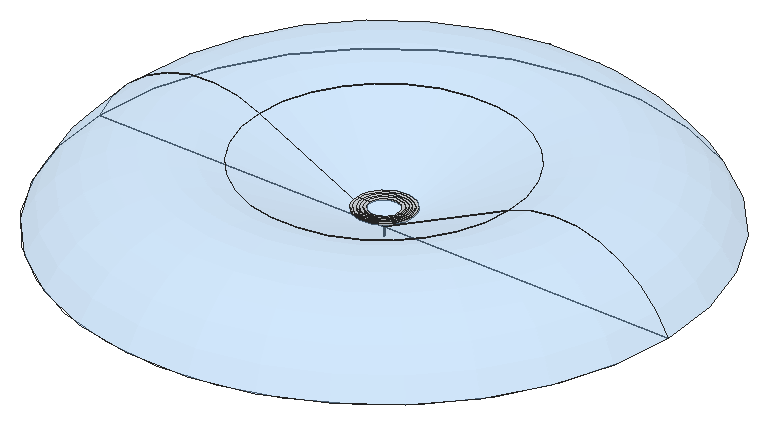
Revit family "HUNTER_I-40-06-SS", category Sprinklers, Revit 2017
Family settings
  Maintain Annotation Orientation = No
  Round Connector Dimension = Use Diameter
  Part Type = Normal
  OmniClass Number = 23.11.27.15.11.11
  OmniClass Title = Installed Sprinkler Heads
  Work Plane-Based = No
  Always vertical = Yes
  Cut with Voids When Loaded = No
  Shared = Yes
  Room Calculation Point = No
Parameters (values of type "I-40-06-SS-Standard 8 Lt. Brown-5.0bar-14.30m")
  Water Pattern = Water Arc : Water Arc
  Water = Water
  Valid Trajectory Arc [instance] = if(Trajectory Arc < Arc Min, Arc Min, if(Trajectory Arc > Arc Max, Arc Max, Trajectory Arc))  # 360.00°
  URL = "https://www.hunterindustries.com/irrigation-product/rotors/i-40"
  Type Image = <None>
  Type Comments = "Rotor I-40-04 with Plastic Riser"
  Trajectory Ref [instance] = (if(Trajectory Arc < Arc Min, Arc Min, if(Trajectory Arc > Arc Max, Arc Max, Trajectory Arc))) / 1.00°  # 360
  Trajectory Radius = 14300.000 mm
  Trajectory Angle = 25.00°  # constant formula
  Symbol = I-40-06 Symbol : I-40-06 Symbol
  Show Water Spray = yes
  Show 2D Symbol = yes
  Pressure = 500.0 kPa
  Precipitation Rate = "22 mm/hr"
  Pop Up Material = Hunter® Stainless Steel
  Pop Up Height = 100.000 mm  # constant formula
  Nozzle Tag = "I-40-06-SS-18 Lt. Brown"
  Model = "I-40-04-SS- Standard 8 Lt. Brown"
  Keynote = "328423.02"
  Inlet Size = "1\" BSP"
  Connection_Dia = 30.000 mm  # constant formula
  Nozzle Size = "Hunter® (08 Lt. Brown) Standard Nozzle"
  Exposed Diameter = 50.000 mm  # constant formula
  Body Material = Hunter® ABS Plastic
  Manufacturer = "Hunter® Industries"
  Product Flow [instance] = 65.2 L/min
  Diameter = 609.6 mm
  Description = "Hunter I-40-04 Rotor Body with Preinstalled Check in Valve, stainless steel riser and (8 Lt. Brown) Standard Nozzle"
  Body Height = 200.000 mm  # constant formula
  Assembly Code = "G2050700"
  Trajectory Arc [instance] = 360.00°
  Arc Min = 50.00°  # constant formula
  Arc Max = 360.00°  # constant formula
Types (12, lengths in mm): name | Valid Trajectory Arc | Trajectory Ref | Trajectory Radius | Pressure | Precipitation Rate | Nozzle Tag | Model | Nozzle Size | Product Flow | Description | Trajectory Arc
  I-40-06-SS-Standard 10 Lt.Green-5.0bar-15.50m | 360.00° | 360 | 16200.000 | 500.0 kPa | "21 mm/hr" | "I-40-06-SS-10 Lt. Green" | "I-40-04-SS- Standard 10 Lt. Green" | "Hunter® (10 Lt. Green) Standard Nozzle" | 46.3 L/min | "Hunter I-40-04 Rotor Body with Preinstalled Check in Valve, stainless steel riser and (10 Lt. Green) Standard Nozzle" | 360.00°
  I-40-06-SS-Standard 13 Lt. Blue-5.0bar-15.80m | 360.00° | 360 | 16800.000 | 500.0 kPa | "22 mm/hr" | "I-40-06-SS-113 Lt. Blue" | "I-40-04-SS- Standard 13 Lt. Blue" | "Hunter® (13 Lt. Blue) Standard Nozzle" | 51.2 L/min | "Hunter I-40-04 Rotor Body with Preinstalled Check in Valve, stainless steel riser and (13 Lt. Blue) Standard Nozzle" | 360.00°
  I-40-06-SS-Standard 15 Grey-5.0bar-17.40m | 360.00° | 360 | 17400.000 | 500.0 kPa | "23 mm/hr" | "I-40-06-SS-15 Grey" | "I-25-40-SS- Standard 15 Grey" | "Hunter® (15 Grey) Standard Nozzle" | 58.8 L/min | "Hunter I-40-04 Rotor Body with Preinstalled Check in Valve, stainless steel riser and (15 Grey) Standard Nozzle" | 360.00°
  I-40-06-SS-Standard 8 Lt. Brown-5.0bar-14.30m | 360.00° | 360 | 14300.000 | 500.0 kPa | "22 mm/hr" | "I-40-06-SS-18 Lt. Brown" | "I-40-04-SS- Standard 8 Lt. Brown" | "Hunter® (08 Lt. Brown) Standard Nozzle" | 65.2 L/min | "Hunter I-40-04 Rotor Body with Preinstalled Check in Valve, stainless steel riser and (8 Lt. Brown) Standard Nozzle" | 360.00°
  I-40-06-SS-Standard 23 Dk. Green-5.50bar-19.80m | 360.00° | 360 | 19800.000 | 550.0 kPa | "29 mm/hr" | "I-40-06-SS-23 Dk. Green" | "I-40-04-SS- Standard 23 Dk. Green" | "Hunter® (23 Dk. Green) Standard Nozzle" | 96.3 L/min | "Hunter I-40-04 Rotor Body with Preinstalled Check in Valve, stainless steel riser and (23 Dk. Green) Standard Nozzle" | 360.00°
  I-40-06-SS-Standard 25 Dk. Blue-6.0bar-21.00m | 360.00° | 360 | 21000.000 | 600.0 kPa | "30 mm/hr" | "I-40-06-SS-25 Dk. Blue" | "I-40-04-SS- Standard 25 Dk. Blue" | "Hunter® (25 Dk. Blue) Standard Nozzle" | 110.0 L/min | "Hunter I-40-04 Rotor Body with Preinstalled Check in Valve, stainless steel riser and (25 Dk. Blue) Standard Nozzle" | 360.00°
  I-40-06-SS-High speed 8 Lt.Brown-5.0bar-13.40m | 270.00° | 270 | 13400.000 | 500.0 kPa | "24 mm/hr" | "I-40-06-SS-High Speed 8 Lt. Brown" | "I-40-04-SS-High Speed 8 Lt. Brown" | "Hunter® (8 Lt. Brown) High Speed Nozzle" | 37.5 L/min | "Hunter I-40-04 Rotor Body with Preinstalled Check in Valve, stainless steel riser and (8 Lt. Brown) High Speedd Nozzle" | 270.00°
  I-40-06-SS-High speed 10 Lt.Green-5.0bar-14.30m | 270.00° | 270 | 14300.000 | 500.0 kPa | "25 mm/hr" | "I-40-06-SS-High Speed 10 Lt. Green" | "I-40-04-SS-High Speed 10 Lt. Green" | "Hunter® (10 Lt. Green) High Speed Nozzle" | 46.3 L/min | "Hunter I-40-04 Rotor Body with Preinstalled Check in Valve, stainless steel riser and (10 Lt. Green) High Speed Nozzle" | 270.00°
  I-40-06-SS-High speed 13 Lt. Blue-5.0bar-14.60m | 270.00° | 270 | 14600.000 | 500.0 kPa | "25 mm/hr" | "I-40-06-SS-High Speed 13 Lt. Blue" | "I-40-04-SS-High Speed 13 Lt. Blue" | "Hunter® (13 Lt. Blue) High Speed Nozzle" | 51.2 L/min | "Hunter I-40-04 Rotor Body with Preinstalled Check in Valve, stainless steel riser and (13 Lt. Blue) High Speed Nozzle" | 270.00°
  I-40-06-SS-High speed 15 Grey-5.0bar-16.20m | 270.00° | 270 | 16200.000 | 500.0 kPa | "27 mm/hr" | "I-40-06-SS-High Speed 15 Grey" | "I-40-04-SS-High Speed 15 Grey" | "Hunter® (15 Grey) High Speed Nozzle" | 58.8 L/min | "Hunter I-40-04 Rotor Body with Preinstalled Check in Valve, stainless steel riser and (15 Grey) High Speed Nozzle" | 270.00°
  I-40-06-SS-High speed 23 Dk. Green-5.50bar-18.00m | 270.00° | 270 | 18000.000 | 550.0 kPa | "35 mm/hr" | "I-40-06-SS-High Speed 23 Dk. Green" | "I-40-04-SS-High Speed 23 Dk. Green" | "Hunter® (23 Dk. Green) High Speed Nozzle" | 96.3 L/min | "Hunter I-40-04 Rotor Body with Preinstalled Check in Valve, stainless steel riser and (23 Dk. Green) High Speed Nozzle" | 270.00°
  I-40-06-SS-High speed 25 Dk. Blue-6.0bar-19.20m | 270.00° | 270 | 19200.000 | 600.0 kPa | "34 mm/hr" | "I-40-06-SS-High Speed 25 Dk. Blue" | "I-40-04-SS-High Speed 25 Dk. Blue" | "Hunter® (25 Dk. Blue) High Speed Nozzle" | 110.0 L/min | "Hunter I-40-04 Rotor Body with Preinstalled Check in Valve, stainless steel riser and (25 Dk. Blue) High Speed Nozzle" | 270.00°
Reference planes
  plane 1 "Center (Front/Back)": y = 0
  plane 2: z = 0
  plane 3 "Center (Left/Right)": x = 0
Lines and regions (mm)
  model lines
    curve 1: circle (0, 0, 0) r 25 normal (0, 0, 1)
    curve 2: line (25, 0, 0) -> (-25, 0, 0)
    curve 3: line (0, 25, 0) -> (0, -25, 0)
Dimensions and locks
  aligned and locked: level to plane 2
Nested families
  nested 1: "Water Arc" at (0, 0, 140), type <- "Water Pattern", visible <- "Show Water Spray", type "Water Arc"
    with r1 6043.441 mm, Trajectory Arc 360.00°, Radius 14300.000 mm
  nested 2: "I-40-06-SS" at (0, 0, 0), type "I-40-06-SS"
  nested 3: "I-40-06 Symbol" at (0, 0, 1000), Trajectory Arc <- "Valid Trajectory Arc", visible <- "Show 2D Symbol", type "I-40-06 Symbol"
    with Trajectory Ref 360, Trajectory Arc 360.00°, Ann Trajectory 360.00°
Connectors
  piping at (0, 0, -245.516), diameter 32, driven by "Product Flow"
    settings: on nested 2, index 3, connector inside diameter 609.6 mm, connector length 0.000 mm, flow factor 0, pipe flow 65.2 L/min, pressure drop 0.0 kPa, fitting loss kfactor 0, connector angle 0.00°, fixture units 0, engagement length 0.000 mm, angle of deflection 0.00°, flow configuration 0, flow direction 1, fitting loss method 2, system type 29, joint type 0, gender type 0, connector reference index -1, connector utility 0, adjustable connector no, is connector primary yes, connector description ""
Definition of nested family "Water Arc"
  Parameters (values of type "Water Arc")
    r1 = Radius * sin(Arc_Angle)  # 1901.782 mm
    Trajectory Arc = 180.00°
    Radius = 4500.000 mm
    Material = none
    Arc_Angle = 25.00°
  Reference planes
    plane 1 "Center (Front/Back)": y = 0
    plane 2: z = 0
    plane 3 "Center (Left/Right)": x = 0
  Forms (mm)
    Revolve 1, solid, material <- "Material"
      sketch origin (0, 0, 100) x (1, 0, 0) y (0, 0, 1)
        loop
          line (0, -100) -> (4500, -100)
          arc (4500, -100) -> (3426.848, 883.363) -> (1972.672, 819.872) r 1901.782
          line (1972.672, 819.872) -> (0, -100)
        axis (0, -100) -> (0, 819.872)
      angle from 0 to 180 <- "Trajectory Arc"
  Dimensions and locks
    "Radius": Revolve 1 sketch curve to plane 3 "Center (Left/Right)"
    "r1": radius of Revolve 1 sketch curve
    "Arc_Angle": angle Revolve 1 sketch curve to Revolve 1 sketch curve
    aligned and locked: level to plane 2
    aligned and locked: plane 3 "Center (Left/Right)" to Revolve 1 sketch curve
    aligned and locked: Revolve 1 sketch curve to level
  Automatic sketch dimensions
    Revolve 1 sketch curve to plane 3 "Center (Left/Right)" = 0.000 mm
    Revolve 1 sketch curve to Revolve 1 sketch curve = 191.442 mm
    Revolve 1 sketch curve to Revolve 1 sketch curve = 1280.000 mm
Definition of nested family "I-40-06-SS"
  Parameters (values of type "I-40-06-SS")
    R_Pipe_Connection = 15.671 mm
    Pop_Up = 100.000 mm
    ON = yes
    Material = none
    Dia = 25.315 mm
    Body_Height = 190.000 mm
  Reference planes
    plane 1 "Center (Front/Back)": y = 0
    plane 2: z = 0
    plane 3 "Center (Left/Right)": x = 0
  Forms (mm)
    Revolve 1, solid
      sketch origin (0, 0, 0) x (1, 0, 0) y (0, 0, 1)
        loop
          line (31.319, -241.871) -> (31.319, -50.822) -> (36.66, -50.822) -> (36.659, -32.331) -> (35.7, -32.331) -> (30.861, -18.037) -> (30.861, -15.272) -> (27.185, -15.272) -> (26.468, 3.321) -> (24.076, 3.321)
          arc (24.076, 3.321) -> (23.398, 5.933) -> (20.955, 7.08) r 3.175
          line (20.955, 7.08) -> (0, 7.08) -> (0, -245.516) -> (16, -245.516) -> (16, -247.964) -> (25.226, -247.964)
          arc (25.226, -247.964) -> (29.535, -246.179) -> (31.319, -241.871) r 6.093
        axis (0, -247.964) -> (0, 7.08)
      angle from 0 to 360
    Extrusion 2, solid, visible <- "ON"
      sketch origin (0, 0, 0) x (1, 0, 0) y (0, 1, 0)
        loop
          circle (0, 0) r 20
      from 3.321 to 150
    Revolve 3, solid, material <- "Material", visible <- "ON"
      sketch origin (0, 0, 50) x (1, 0, 0) y (0, 0, 1)
        loop
          arc (23.214, 104.166) -> (22.552, 105.763) -> (20.955, 106.425) r 2.259
          line (20.955, 106.425) -> (0, 106.425) -> (0, 100) -> (23.214, 100) -> (23.214, 104.166)
        axis (0, 106.425) -> (0, 100)
      angle from 0 to 360
  Dimensions and locks
    aligned and locked: level to plane 2
    aligned and locked: Revolve 3 to Extrusion 2
Definition of nested family "I-40-06 Symbol"
  Parameters (values of type "I-40-06 Symbol")
    Trajectory Ref [instance] = Trajectory Arc / 1.00°  # 50
    Trajectory Arc [instance] = 50.00°
    Nozzle Tag = M_Label Annotation : M_Label Annotation
    Ann Trajectory [instance] = Trajectory Arc  # 50.00°
  Reference planes
    plane 1 "Center (Front/Back)": y = 0
    plane 2: z = 0
    plane 3 "Center (Left/Right)": x = 0
  Forms (mm)
    Extrusion 1, solid
      sketch origin (0, 0, 0) x (1, 0, 0) y (0, 1, 0)
        loop
          circle (0, 0) r 1750
        loop
          circle (0, 0) r 700
      from 0 to 50
    Revolve 2, void
      sketch origin (0, 0, 0) x (1, 0, 0) y (0, 0, 1)
        loop
          line (700, 90) -> (700, 20) -> (830, 50) -> (830, 20) -> (960, 50) -> (960, 20) -> (1090, 50) -> (1090, 20) -> (1219.96, 49.991) -> (1219.96, 20) -> (1349.96, 50) -> (1349.96, 0) -> (1750, 0) -> (1750, 90) -> (700, 90)
        axis (0, 90) -> (0, 0)
      angle from 360 to 0
    Revolve 3, void
      sketch origin (0, 0, 0) x (1, 0, 0) y (0, 0, 1)
        loop
          line (0, 149.939) -> (0, -50.061) -> (1810, -50.061) -> (1810, 149.939) -> (0, 149.939)
        axis (0, 149.939) -> (0, -50.061)
      angle from 359 to 50 <- "Trajectory Arc"
  Cuts and joins
    Revolve 2, Revolve 3 cuts Extrusion 1
  Dimensions and locks
    aligned and locked: plane 2 to level
